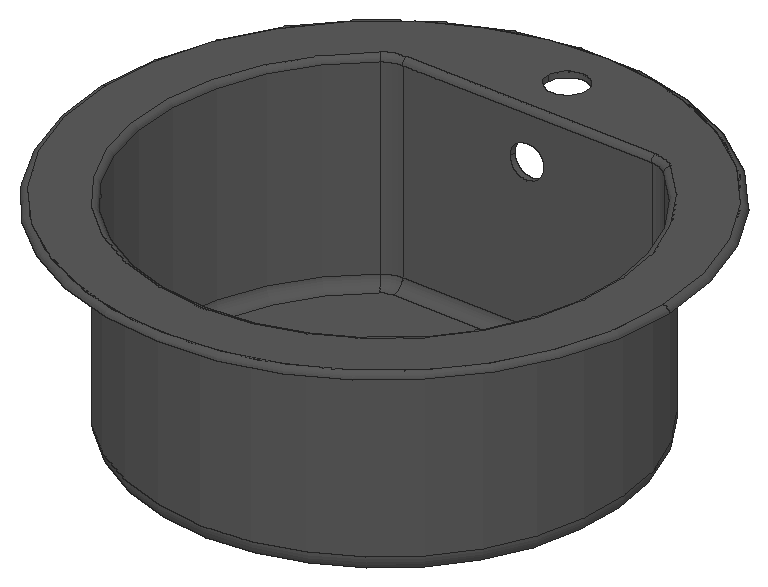
Revit family "ICARIA-DS", category Plumbing Fixtures, host Face, Revit 2015
Parameters
  URL = "seima.com.au"
  Model = "ICARIA-DS"
  Manufacturer = "SEIMA"
  Default Elevation = 900 mm
Reference planes
  plane 1 "Centro (Frente/Trás)": y = 0
  plane 2: z = 0
  plane 3 "Centro (Esquerda/Direita)": x = 0
  plane 4 "DRAIN 2": z = -184.2
  plane 5: y = 45
  plane 6: y = 165
  plane 7 "sewage": z = -204.825
Forms (mm)
  Extrusion 1, solid, material "Padrão", not visible, detail levels fine
    sketch origin (0, 0, 0) x (1, 0, 0) y (0, 1, 0)
      loop
        line (-1500, 1500) -> (-1500, -1500) -> (1500, -1500) -> (1500, 1500) -> (-1500, 1500)
      loop
        line (-1450, 1450) -> (-1450, -1450) -> (1450, -1450) -> (1450, 1450) -> (-1450, 1450)
    from 0 to -175.6
  Sweep 2, solid, material "SEIMA_QUARTZ"
    path origin (0, 0, 0) x (1, 0, 0) y (0, 1, 0)
      loop
        arc (-130.445, 158.143) -> (0, -205) -> (130.445, 158.143) r 205
        arc (130.445, 158.143) -> (121.497, 163.234) -> (111.355, 165) r 30
        line (111.355, 165) -> (-111.355, 165)
        arc (-111.355, 165) -> (-121.497, 163.234) -> (-130.445, 158.143) r 30
    profile origin (0, 165, 0) x (0, 1, 0) y (0, 0, 1)
      loop
        line (-19.447, -190) -> (-15, -190)
        arc (-15, -190) -> (-4.393, -185.607) -> (0, -175) r 15
        line (0, -175) -> (0, 0)
        arc (0, 0) -> (-3.536, -1.464) -> (-5, -5) r 5
        line (-5, -5) -> (-5, -175)
        arc (-5, -175) -> (-7.929, -182.071) -> (-15, -185) r 10
        line (-15, -185) -> (-19.447, -185) -> (-19.447, -190)
  Extrusion 3, solid, material "SEIMA_QUARTZ"
    sketch origin (0, 0, 0) x (1, 0, 0) y (0, 1, 0)
      loop
        circle (0, 45) r 45
      loop
        arc (-111.355, 145.553) -> (-114.923, 144.932) -> (-118.07, 143.141) r 10.553
        arc (-118.07, 143.141) -> (0, -185.553) -> (118.07, 143.141) r 185.553
        arc (118.07, 143.141) -> (114.923, 144.932) -> (111.355, 145.553) r 10.553
        line (111.355, 145.553) -> (-111.355, 145.553)
    from -185 to -190
  Extrusion 4, solid, material "SEIMA_QUARTZ"
    sketch origin (0, 0, 0) x (1, 0, 0) y (0, 1, 0)
      loop
        arc (-130.445, 158.143) -> (0, -205) -> (130.445, 158.143) r 205
        arc (130.445, 158.143) -> (121.497, 163.234) -> (111.355, 165) r 30
        line (111.355, 165) -> (-111.355, 165)
        arc (-111.355, 165) -> (-121.497, 163.234) -> (-130.445, 158.143) r 30
      loop
        circle (0, 0) r 250
      loop
        circle (0, 205) r 17.5
    from 0 to -5
  Sweep 5, solid, material "SEIMA_QUARTZ"
    path origin (0, 0, 0) x (1, 0, 0) y (0, 1, 0)
      loop
        circle (0, 0) r 250
    profile origin (0, 250, 0) x (0, -1, 0) y (0, 0, 1)
      loop
        arc (0, 0) -> (-3.536, -1.464) -> (-5, -5) r 5
        line (-5, -5) -> (0, -5) -> (0, 0)
  Revolve 6, solid, material "SEIMA_QUARTZ"
    sketch origin (-45, 45, 1219.2) x (-1, 0, 0) y (0, 0, 1)
      loop
        arc (0, -1404.2) -> (-3.536, -1405.664) -> (-5, -1409.2) r 5
        line (-5, -1409.2) -> (-5, -1419.2) -> (0, -1419.2) -> (0, -1404.2)
      axis (-45, -1404.2) -> (-45, -1419.2)
    angle from 0 to 360
  Extrusion 7, void
    sketch origin (0, 165, 1219.2) x (1, 0, 0) y (0, 0, 1)
      loop
        circle (0, -1262.2) r 15
    from 16.53 to -24.889
Cuts and joins
  Extrusion 7 cuts Sweep 2
  joined: Sweep 2, Extrusion 3, Extrusion 4, Sweep 5, Revolve 6
Dimensions and locks
  aligned and locked: plane 2 to Extrusion 1
  aligned and locked: level to Extrusion 1
Nested families
  nested 1: "DRAIN" at (0, 45, -184.2), type "DRAIN", detail levels fine
Connectors
  piping at (0, 45, -204.825), diameter 40
    settings: index 1, connector inside diameter 609.6 mm, connector length 0 mm, flow factor 0, pipe flow 0.0 L/s, pressure drop 0.0 Pa, fitting loss kfactor 0, connector angle 0.00°, fixture units 0, engagement length 0 mm, angle of deflection 0.00°, flow configuration 0, flow direction 2, fitting loss method 0, system type 16, joint type 0, gender type 0, connector reference index -1, connector utility 0, adjustable connector no, is connector primary yes, connector description ""
Definition of nested family "DRAIN"
  Parameters (values of type "DRAIN")
    Material = none
    Default Elevation = 1219.2 mm
  Reference planes
    plane 1 "Centro (Frente/Trás)": y = 0
    plane 2: z = 0
    plane 3 "Centro (Esquerda/Direita)": x = 0
  Forms (mm)
    Extrusion 1, solid
      sketch origin (0, 0, 0) x (1, 0, 0) y (0, 1, 0)
        loop
          line (-150, 150) -> (-150, -150) -> (150, -150) -> (150, 150) -> (-150, 150)
        loop
          line (-155, 155) -> (-155, -155) -> (155, -155) -> (155, 155) -> (-155, 155)
      from 0 to -304.8
    Sweep 2, solid
      path origin (0, 0, 0) x (1, 0, 0) y (0, 1, 0)
        loop
          circle (0, 0) r 22
      profile origin (0, 22, 0) x (0, -1, 0) y (0, 0, 1)
        loop
          line (0.59, -20.625) -> (0.59, -23.125) -> (1.39, -23.125) -> (1.39, -20.625) -> (0.59, -20.625)
    Revolve 3, solid
      sketch origin (0, 0, 0) x (1, 0, 0) y (0, 0, 1)
        loop
          line (-45, -0.8) -> (-38.003, -0.8)
          spline (-38.003, -0.8) -> (-37.027, -0.919) -> (-36.604, -1.26) -> (-36.162, -2.349) -> (-35.735, -4.366) -> (-35.357, -6.953) -> (-35.014, -9.772) -> (-34.674, -12.524) -> (-34.112, -15.095) -> (-32.854, -17.396) -> (-30.495, -19.167) -> (-26.8, -20.245) -> (-21.41, -20.625)
          line (-21.41, -20.625) -> (-20.61, -20.625)
          arc (-20.61, -20.625) -> (-20.801, -20.107) -> (-21.281, -19.836) r 0.8
          spline (-21.281, -19.836) -> (-26.565, -19.483) -> (-30.06, -18.482) -> (-32.167, -16.918) -> (-33.29, -14.874) -> (-33.829, -12.437) -> (-34.177, -9.696) -> (-34.533, -6.859) -> (-34.926, -4.234) -> (-35.38, -2.129) -> (-35.938, -0.802) -> (-36.749, -0.164) -> (-38.003, 0)
          line (-38.003, 0) -> (-45, 0) -> (-45, -0.8)
        axis (0, 0) -> (0, -20.625)
      angle from 0 to 360
    Revolve 4, solid
      sketch origin (0, 0, 0) x (1, 0, 0) y (0, 0, 1)
        loop
          line (-10.197, -16.126) -> (-12.35, -17.681) -> (-15.461, -17.681) -> (-25.392, -17.681)
          arc (-25.392, -17.681) -> (-30.094, -15.946) -> (-32.543, -11.574) r 7.239
          line (-32.543, -11.574) -> (-33.305, -6.761) -> (-34.115, -6.761) -> (-33.333, -11.699)
          arc (-33.333, -11.699) -> (-30.614, -16.555) -> (-25.392, -18.481) r 8.039
          line (-25.392, -18.481) -> (-15.461, -18.481) -> (0, -18.481) -> (0, 2.366)
          spline (0, 2.366) -> (-3.679, 1.593) -> (-5.1, -0.146) -> (-5.118, -1.983) -> (-4.549, -3.136) -> (-3.837, -3.658) -> (-3.228, -4.055) -> (-2.897, -4.771) -> (-2.78, -6.017) -> (-2.766, -7.949) -> (-2.874, -10.579) -> (-3.521, -13.476) -> (-5.197, -16.126)
          line (-5.197, -16.126) -> (-10.197, -16.126)
        axis (0, 2.366) -> (0, -18.481)
      angle from 0 to 360
    Extrusion 5, void
      sketch origin (0, 0, 0) x (1, 0, 0) y (0, 1, 0)
        loop
          line (-1, 29.126) -> (-1, 15.689)
          arc (-1, 15.689) -> (0, 14.689) -> (1, 15.689) r 1
          line (1, 15.689) -> (1, 29.126)
          arc (1, 29.126) -> (0, 30.126) -> (-1, 29.126) r 1
        loop
          line (8.049, 28.01) -> (3.897, 15.23)
          arc (3.897, 15.23) -> (4.539, 13.97) -> (5.799, 14.612) r 1
          line (5.799, 14.612) -> (9.952, 27.392)
          arc (9.952, 27.392) -> (9.31, 28.652) -> (8.049, 28.01) r 1
        loop
          line (16.311, 24.152) -> (8.413, 13.28)
          arc (8.413, 13.28) -> (8.634, 11.884) -> (10.031, 12.105) r 1
          line (10.031, 12.105) -> (17.929, 22.976)
          arc (17.929, 22.976) -> (17.708, 24.373) -> (16.311, 24.152) r 1
        loop
          line (22.976, 17.929) -> (12.105, 10.031)
          arc (12.105, 10.031) -> (11.884, 8.634) -> (13.28, 8.413) r 1
          line (13.28, 8.413) -> (24.152, 16.311)
          arc (24.152, 16.311) -> (24.373, 17.708) -> (22.976, 17.929) r 1
        loop
          line (29.126, 1) -> (15.689, 1)
          arc (15.689, 1) -> (14.689, 0) -> (15.689, -1) r 1
          line (15.689, -1) -> (29.126, -1)
          arc (29.126, -1) -> (30.126, 0) -> (29.126, 1) r 1
        loop
          line (27.392, 9.952) -> (14.612, 5.799)
          arc (14.612, 5.799) -> (13.97, 4.539) -> (15.23, 3.897) r 1
          line (15.23, 3.897) -> (28.01, 8.049)
          arc (28.01, 8.049) -> (28.652, 9.31) -> (27.392, 9.952) r 1
        loop
          line (28.01, -8.049) -> (15.23, -3.897)
          arc (15.23, -3.897) -> (13.97, -4.539) -> (14.612, -5.799) r 1
          line (14.612, -5.799) -> (27.392, -9.952)
          arc (27.392, -9.952) -> (28.652, -9.31) -> (28.01, -8.049) r 1
        loop
          line (24.152, -16.311) -> (13.28, -8.413)
          arc (13.28, -8.413) -> (11.884, -8.634) -> (12.105, -10.031) r 1
          line (12.105, -10.031) -> (22.976, -17.929)
          arc (22.976, -17.929) -> (24.373, -17.708) -> (24.152, -16.311) r 1
        loop
          line (17.929, -22.976) -> (10.031, -12.105)
          arc (10.031, -12.105) -> (8.634, -11.884) -> (8.413, -13.28) r 1
          line (8.413, -13.28) -> (16.311, -24.152)
          arc (16.311, -24.152) -> (17.708, -24.373) -> (17.929, -22.976) r 1
        loop
          line (9.952, -27.392) -> (5.799, -14.612)
          arc (5.799, -14.612) -> (4.539, -13.97) -> (3.897, -15.23) r 1
          line (3.897, -15.23) -> (8.049, -28.01)
          arc (8.049, -28.01) -> (9.31, -28.652) -> (9.952, -27.392) r 1
        loop
          line (1, -29.126) -> (1, -15.689)
          arc (1, -15.689) -> (0, -14.689) -> (-1, -15.689) r 1
          line (-1, -15.689) -> (-1, -29.126)
          arc (-1, -29.126) -> (0, -30.126) -> (1, -29.126) r 1
        loop
          line (-8.049, -28.01) -> (-3.897, -15.23)
          arc (-3.897, -15.23) -> (-4.539, -13.97) -> (-5.799, -14.612) r 1
          line (-5.799, -14.612) -> (-9.952, -27.392)
          arc (-9.952, -27.392) -> (-9.31, -28.652) -> (-8.049, -28.01) r 1
        loop
          line (-16.311, -24.152) -> (-8.413, -13.28)
          arc (-8.413, -13.28) -> (-8.634, -11.884) -> (-10.031, -12.105) r 1
          line (-10.031, -12.105) -> (-17.929, -22.976)
          arc (-17.929, -22.976) -> (-17.708, -24.373) -> (-16.311, -24.152) r 1
        loop
          line (-22.976, -17.929) -> (-12.105, -10.031)
          arc (-12.105, -10.031) -> (-11.884, -8.634) -> (-13.28, -8.413) r 1
          line (-13.28, -8.413) -> (-24.152, -16.311)
          arc (-24.152, -16.311) -> (-24.373, -17.708) -> (-22.976, -17.929) r 1
        loop
          line (-29.126, -1) -> (-15.689, -1)
          arc (-15.689, -1) -> (-14.689, 0) -> (-15.689, 1) r 1
          line (-15.689, 1) -> (-29.126, 1)
          arc (-29.126, 1) -> (-30.126, 0) -> (-29.126, -1) r 1
        loop
          line (-27.392, -9.952) -> (-14.612, -5.799)
          arc (-14.612, -5.799) -> (-13.97, -4.539) -> (-15.23, -3.897) r 1
          line (-15.23, -3.897) -> (-28.01, -8.049)
          arc (-28.01, -8.049) -> (-28.652, -9.31) -> (-27.392, -9.952) r 1
        loop
          line (-28.01, 8.049) -> (-15.23, 3.897)
          arc (-15.23, 3.897) -> (-13.97, 4.539) -> (-14.612, 5.799) r 1
          line (-14.612, 5.799) -> (-27.392, 9.952)
          arc (-27.392, 9.952) -> (-28.652, 9.31) -> (-28.01, 8.049) r 1
        loop
          line (-24.152, 16.311) -> (-13.28, 8.413)
          arc (-13.28, 8.413) -> (-11.884, 8.634) -> (-12.105, 10.031) r 1
          line (-12.105, 10.031) -> (-22.976, 17.929)
          arc (-22.976, 17.929) -> (-24.373, 17.708) -> (-24.152, 16.311) r 1
        loop
          line (-17.929, 22.976) -> (-10.031, 12.105)
          arc (-10.031, 12.105) -> (-8.634, 11.884) -> (-8.413, 13.28) r 1
          line (-8.413, 13.28) -> (-16.311, 24.152)
          arc (-16.311, 24.152) -> (-17.708, 24.373) -> (-17.929, 22.976) r 1
        loop
          line (-9.952, 27.392) -> (-5.799, 14.612)
          arc (-5.799, 14.612) -> (-4.539, 13.97) -> (-3.897, 15.23) r 1
          line (-3.897, 15.23) -> (-8.049, 28.01)
          arc (-8.049, 28.01) -> (-9.31, 28.652) -> (-9.952, 27.392) r 1
      from -19.231 to -9.306
  Cuts and joins
    Extrusion 5 cuts Revolve 4
  Dimensions and locks
    aligned and locked: plane 2 to Extrusion 1
    aligned and locked: level to Extrusion 1
